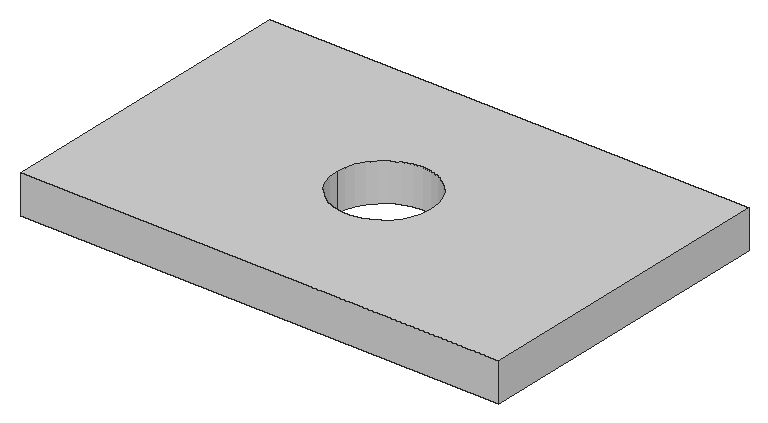
Revit family "EV_SUPPORTING PLATE_1850275", category Generic Models, Revit 2018
Family settings
  Can host rebar = No
  Round Connector Dimension = Use Diameter
  Part Type = Normal
  OmniClass Number = 35.51.17.00
  OmniClass Title = SCAFFOLDING SHORING AND FENCING
  Work Plane-Based = Yes
  Always vertical = No
  Cut with Voids When Loaded = No
  Shared = Yes
  Room Calculation Point = No
Parameters
  VERSION = "20170217"  # constant formula
  URL = "www.ulmaconstruction.com/en"
  UNICLASS = ""
  Model = ""
  Manufacturer = "ULMA CONSTRUCTION"  # constant formula
  ITEM_WEIGHT = 0.39 kg
  ITEM_CODE = "1850275"
  FILTER [instance] = ""
  Default Elevation = 0.000 mm
  CLASSIFICATION_TITLE = ""
  CLASSIFICATION_NUMBER = ""
Reference planes
  plane 1 "Centro (Frontal/Posterior)": y = 0
  plane 2: z = 0
  plane 3 "Centro (Izquierda/Derecha)": x = 0
  plane 4: x = 172.359
  plane 5: z = -420
Forms (mm)
  Sweep 1, solid, not visible, detail levels fine
    path origin (-2085.173, 0, 0) x (-1, 0, 0) y (0, 0, -1)
      loop
        line (-2257.532, -500) -> (-2546.207, 0)
    profile origin (316.697, 0, 250) x (0.866025, 0, 0.5) y (0, -1, 0)
      loop
        line (12.5, -12.5) -> (12.5, 12.5) -> (-12.5, 12.5) -> (-12.5, -12.5) -> (12.5, -12.5)
  Extrusion 2, solid, material "ULMA ZINC", detail levels fine
    sketch origin (100, -65, 0) x (1, 0, 0) y (0, 1, 0)
      loop
        line (-50, 97.5) -> (-150, 97.5) -> (-150, 32.5) -> (-50, 32.5) -> (-50, 97.5)
    from 0 to 8
  Extrusion 3, void
    sketch origin (0, 0, 0) x (1, 0, 0) y (0, 1, 0)
      loop
        circle (0, 0) r 10
    from 8 to 0
  Extrusion 4, solid, not visible
    sketch origin (0, 0, 0) x (1, 0, 0) y (0, 1, 0)
      loop
        line (47.5, 62.5) -> (-47.5, 62.5)
        arc (-47.5, 62.5) -> (-58.107, 58.107) -> (-62.5, 47.5) r 15
        line (-62.5, 47.5) -> (-62.5, -47.5)
        arc (-62.5, -47.5) -> (-58.107, -58.107) -> (-47.5, -62.5) r 15
        line (-47.5, -62.5) -> (47.5, -62.5)
        arc (47.5, -62.5) -> (58.107, -58.107) -> (62.5, -47.5) r 15
        line (62.5, -47.5) -> (62.5, 47.5)
        arc (62.5, 47.5) -> (58.107, 58.107) -> (47.5, 62.5) r 15
    from -420 to -414
  Extrusion 5, solid, not visible
    sketch origin (-185.167, -1524, -420) x (-1, 0, 0) y (0, -1, 0)
      loop
        circle (-185.167, -1524) r 19
    from 0 to 506
  Extrusion 6, void, not visible
    sketch origin (0, 0, 0) x (1, 0, 0) y (0, 1, 0)
      loop
        circle (47.5, 47.5) r 7
      loop
        circle (-47.5, -47.5) r 7
    from -414 to -420
Cuts and joins
  Extrusion 3 cuts Extrusion 2
Lines and regions (mm)
  model lines, not visible, detail levels coarse+medium
    curve 1: line (172.359, 0, 500) -> (461.034, 0, 0)
  model lines, style "ULMA ANCHOR", detail levels medium
    curve 2: line (-50, 32.5, 0) -> (-50, -32.5, 0)
    curve 3: line (-50, -32.5, 0) -> (50, -32.5, 0)
    curve 4: line (50, -32.5, 0) -> (50, 32.5, 0)
    curve 5: line (50, 32.5, 0) -> (-50, 32.5, 0)
Dimensions and locks
  aligned and locked: level to plane 2
  aligned and locked: Extrusion 2 to Extrusion 3
  aligned and locked: Extrusion 2 to plane 2
